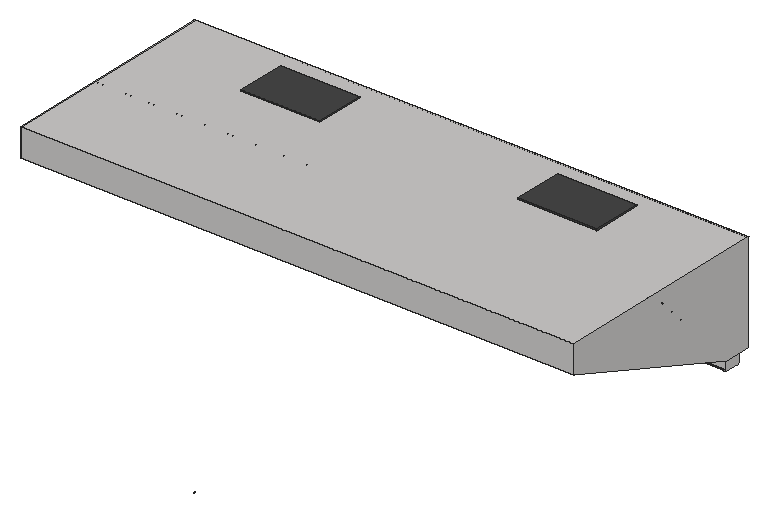
Revit family "QF_ELECTROLUXPROFESSIONAL_642093_MP1128DT", category Specialty Equipment, Revit 2014
Reference planes
  plane 1 "Center (Front/Back)": y = 0
  plane 2: z = 0
  plane 3 "Center (Left/Right)": x = 150
  plane 4 "LEFT": x = -1250
  plane 5 "RIGHT": x = 1550
  plane 6 "BACK": y = 550
  plane 7 "FRONT": y = -550
  plane 8 "Plane": z = 2000
  plane 9 "TOP": z = 2140
  plane 10 "Base": z = 1640
  plane 11: z = 1566
  plane 12 "DrainY": y = 485
  plane 13: x = -1247
  plane 14: through (0, 414.509, 1640.8) normal (0, 0.7314, 0.682)
  plane 15: y = 470
  plane 16: y = 220
  plane 17 "DrainX": x = 1430
  plane 18: x = -350
  plane 19: x = 650
  plane 20: x = -750
  plane 21: x = 1050
  plane 22: x = 1547
  plane 23: x = 1340
  plane 24: x = 1520
  plane 25: x = -1210
  plane 26: x = -845
  plane 27: x = -450
  plane 28: x = 1510
  plane 29: x = 1145
  plane 30: x = 750
Forms (mm)
  Extrusion 1, solid, material "QF_Finishes_Stainless Steel"
    sketch origin (-1250, 0, 0) x (0, 1, 0) y (0, 0, 1)
      loop
        line (550, 1640) -> (550, 2140) -> (-550, 2140) -> (-550, 1999.112) -> (413.973, 1640) -> (550, 1640)
    from 0 to 3
  Extrusion 2, solid, material "QF_Finishes_Stainless Steel"
    sketch origin (150, 0, 0) x (0, 1, 0) y (0, 0, 1)
      loop
        line (415.255, 1640) -> (550, 1640) -> (550, 2139.19) -> (549.2, 2139.19) -> (549.2, 1640.8) -> (415.876, 1640.8) -> (339.347, 1722.867) -> (349.609, 1732.436) -> (348.927, 1733.167) -> (337.934, 1722.917) -> (415.255, 1640)
      loop
        line (-82.203, 2139.19) -> (-82.203, 2118.6) -> (-31.047, 2118.6) -> (34.354, 2048.466) -> (46.028, 2059.352) -> (45.346, 2060.083) -> (34.403, 2049.879) -> (-30.612, 2119.6) -> (-81.203, 2119.6) -> (-81.203, 2139.19) -> (-82.203, 2139.19)
    from -1397 to 1397
  Extrusion 3, solid, material "QF_Finishes_Stainless Steel"
    sketch origin (1550, 0, 0) x (0, 1, 0) y (0, 0, 1)
      loop
        line (550, 1640) -> (550, 2140) -> (-550, 2140) -> (-550, 1999.112) -> (413.973, 1640) -> (550, 1640)
    from 0 to -3
  Extrusion 4, solid, material "QF_Finishes_Stainless Steel"
    sketch origin (150, 0, 0) x (0, 1, 0) y (0, 0, 1)
      loop
        line (-550, 2140) -> (-550, 2000) -> (-549.2, 2000) -> (-549.2, 2139.19) -> (550, 2139.19) -> (550, 2140) -> (-550, 2140)
    from -1400 to 1400
  Extrusion 5, solid, material "QF_Finishes_Stainless Steel"
    sketch origin (150, 0, 0) x (0, 1, 0) y (0, 0, 1)
      loop
        line (534, 1640) -> (436, 1640) -> (436, 1627) -> (443.5, 1627) -> (443.5, 1576)
        arc (443.5, 1576) -> (446.429, 1568.929) -> (453.5, 1566) r 10
        line (453.5, 1566) -> (516.5, 1566)
        arc (516.5, 1566) -> (523.571, 1568.929) -> (526.5, 1576) r 10
        line (526.5, 1576) -> (526.5, 1627) -> (534, 1627) -> (534, 1640)
    from 1190 to 1370
  Extrusion 6, solid, material "QF_Finishes_Stainless Steel"
    sketch origin (0, 0, 1640) x (0, 1, 0) y (-1, 0, 0)
      loop
        circle (485, -1430) r 20
    from -76 to -74
  Extrusion 7, solid, material "QF_Finished_Chrome"
    sketch origin (150, 0, 0) x (0, 1, 0) y (0, 0, 1)
      loop
        line (337.934, 1722.917) -> (341.591, 1726.327) -> (38.011, 2051.876) -> (34.354, 2048.466) -> (337.934, 1722.917)
    from -995 to -1360
  Extrusion 8, solid, material "QF_Finished_Chrome"
    sketch origin (150, 0, 0) x (0, 1, 0) y (0, 0, 1)
      loop
        line (337.934, 1722.917) -> (341.591, 1726.327) -> (38.011, 2051.876) -> (34.354, 2048.466) -> (337.934, 1722.917)
    from 600 to -600
  Extrusion 9, solid, material "QF_Finishes_Stainless Steel"
    sketch origin (150, 0, 0) x (0, 1, 0) y (0, 0, 1)
      loop
        line (337.934, 1722.917) -> (341.591, 1726.327) -> (38.011, 2051.876) -> (34.354, 2048.466) -> (337.934, 1722.917)
    from 1397 to 1360
  Extrusion 10, solid, material "QF_Finishes_Stainless Steel"
    sketch origin (150, 0, 0) x (0, 1, 0) y (0, 0, 1)
      loop
        line (341.588, 1726.324) -> (38.009, 2051.874) -> (34.354, 2048.466) -> (337.934, 1722.917) -> (341.588, 1726.324)
    from -995 to -600
  Extrusion 11, solid, material "QF_Finished_Chrome"
    sketch origin (150, 0, 0) x (0, 1, 0) y (0, 0, 1)
      loop
        line (341.588, 1726.324) -> (38.009, 2051.874) -> (34.354, 2048.466) -> (337.934, 1722.917) -> (341.588, 1726.324)
    from 995 to 1360
  Extrusion 12, solid, material "QF_Finishes_Black"
    sketch origin (0, 0, 2140) x (0, 1, 0) y (-1, 0, 0)
      loop
        line (470, 750) -> (220, 750) -> (220, 350) -> (470, 350) -> (470, 750)
    from 5 to 0
  Extrusion 13, solid, material "QF_Finishes_Black"
    sketch origin (940, 0, 2140) x (0, 1, 0) y (-1, 0, 0)
      loop
        line (470, 290) -> (220, 290) -> (220, -110) -> (470, -110) -> (470, 290)
    from 5 to 0
  Extrusion 14, solid, material "QF_Finishes_Stainless Steel"
    sketch origin (0, 0, 0) x (1, 0, 0) y (0, 1, 0)
      loop
        line (-1250, 550) -> (-1250, 549) -> (-1249, 549) -> (-1249, 550) -> (-1250, 550)
    from 0 to 1
  Extrusion 15, solid, material "QF_Finishes_Stainless Steel"
    sketch origin (150, 0, 0) x (0, 1, 0) y (0, 0, 1)
      loop
        line (337.934, 1722.917) -> (341.591, 1726.327) -> (38.011, 2051.876) -> (34.354, 2048.466) -> (337.934, 1722.917)
    from -1360 to -1397
  Extrusion 16, solid, material "QF_Finishes_Stainless Steel"
    sketch origin (150, 0, 0) x (0, 1, 0) y (0, 0, -1)
      loop
        line (341.588, -1726.324) -> (337.934, -1722.917) -> (34.354, -2048.466) -> (38.009, -2051.874) -> (341.588, -1726.324)
    from -995 to -600
Cuts and joins
  joined: Extrusion 2, Extrusion 4
Lines and regions (mm)
  reference lines
    curve 1: line (150, 34.354, 2048.466) -> (150, 34.354, 1888.466)
  symbolic lines, style "SpecialityEquipment", detail levels coarse
    curve 2: line (1550, 550, 2140) -> (-1250, 550, 2140)
    curve 3: line (-1250, 550, 2140) -> (-1250, -550, 2140)
    curve 4: line (1550, -550, 2140) -> (1550, 550, 2140)
    curve 5: line (-1250, -550, 2140) -> (1550, -550, 2140)
    curve 6: line (-750, 220, 2140) -> (-350, 220, 2140)
    curve 7: line (-750, 470, 2140) -> (-750, 220, 2140)
    curve 8: line (-350, 470, 2140) -> (-750, 470, 2140)
    curve 9: line (-350, 220, 2140) -> (-350, 470, 2140)
    curve 10: line (650, 470, 2140) -> (650, 220, 2140)
    curve 11: line (650, 220, 2140) -> (1050, 220, 2140)
    curve 12: line (1050, 470, 2140) -> (650, 470, 2140)
    curve 13: line (1050, 220, 2140) -> (1050, 470, 2140)
    curve 14: line (-1250, -550, 0) -> (1550, 550, 0)
    curve 15: line (1550, -550, 0) -> (-1250, 550, 0)
Dimensions and locks
  plane 4 "LEFT" to plane 5 "RIGHT" = 2800 mm
  equal spacing: plane 4 "LEFT", plane 3 "Center (Left/Right)", plane 5 "RIGHT"
  locked: plane 8 "Plane" to level at 2000
  plane 9 "TOP" to plane 8 "Plane" = 140 mm
  locked: plane 9 "TOP" to plane 10 "Base" at 500
  plane 10 "Base" to plane 11 = 74 mm
  plane 6 "BACK" to plane 12 "DrainY" = 65 mm  (x2)
  plane 4 "LEFT" to plane 13 = 3 mm
  plane 6 "BACK" to plane 15 = 80 mm
  plane 15 to plane 16 = 250 mm  (x2)
  plane 17 "DrainX" to plane 5 "RIGHT" = 120 mm
  locked: plane 18 to plane 19 at 1000
  equal spacing: plane 18, plane 3 "Center (Left/Right)", plane 19
  plane 20 to plane 18 = 400 mm
  plane 19 to plane 21 = 400 mm
  plane 22 to plane 5 "RIGHT" = 3 mm
  locked: plane 23 to plane 17 "DrainX" at 90
  locked: plane 17 "DrainX" to plane 24 at 90
  plane 6 "BACK" to plane 7 "FRONT" = 1100 mm  (x2)
  equal spacing: plane 6 "BACK", plane 1 "Center (Front/Back)", plane 7 "FRONT"
  plane 16 to plane 7 "FRONT" = 770 mm
  plane 15 to plane 6 "BACK" = 80 mm
  locked: plane 4 "LEFT" to plane 25 at 40
  locked: plane 25 to plane 26 at 365
  locked: plane 26 to plane 27 at 395
  locked: plane 28 to plane 29 at 365
  locked: plane 29 to plane 30 at 395
  locked: plane 28 to plane 5 "RIGHT" at 40
  plane 27 to plane 30 = 1200 mm
  aligned and locked: level to plane 2
  aligned and locked: Extrusion 2 to Extrusion 1
  aligned and locked: Extrusion 2 to Extrusion 3
  aligned and locked: plane 5 "RIGHT" to Extrusion 4
  aligned and locked: Extrusion 4 to plane 4 "LEFT"
  aligned and locked: plane 22 to Extrusion 9
  aligned and locked: plane 20 to Extrusion 12
  aligned and locked: Extrusion 12 to plane 18
  aligned and locked: Extrusion 12 to plane 16
  aligned and locked: Extrusion 12 to plane 15
  aligned and locked: Extrusion 13 to plane 21
  aligned and locked: plane 19 to Extrusion 13
  aligned and locked: Extrusion 2 to Extrusion 4
  aligned and locked: plane 24 to Extrusion 5
  aligned and locked: Extrusion 5 to plane 23
  aligned and locked: Extrusion 9 to plane 28
  aligned and locked: Extrusion 11 to plane 28
  aligned and locked: Extrusion 11 to plane 29
  aligned and locked: Extrusion 8 to plane 30
  aligned and locked: Extrusion 8 to plane 27
  aligned and locked: plane 27 to Extrusion 10
  aligned and locked: Extrusion 10 to plane 26
  aligned and locked: plane 26 to Extrusion 7
  aligned and locked: Extrusion 7 to plane 25
  aligned and locked: Extrusion 15 to plane 13
  aligned and locked: plane 25 to Extrusion 15
  aligned and locked: Extrusion 16 to plane 30
  aligned and locked: Extrusion 16 to plane 29
  aligned and locked: Extrusion 3 to plane 22
Automatic sketch dimensions
  curve 5 to plane 4 "LEFT" = 0 mm
  curve 5 to plane 7 "FRONT" = 0 mm
  curve 9 to plane 16 = 0 mm
  curve 10 to plane 16 = 0 mm
  plane 15 to curve 8 = 0 mm
  plane 15 to curve 12 = 0 mm
  curve 3 to plane 6 "BACK" = 0 mm
  curve 5 to plane 5 "RIGHT" = 0 mm
  curve 11 to plane 21 = 0 mm
  curve 10 to plane 19 = 0 mm
  curve 6 to plane 18 = 0 mm
  curve 6 to plane 20 = 0 mm
  Extrusion 1 sketch curve to plane 7 "FRONT" = 0 mm
  Extrusion 1 sketch curve to plane 10 "Base" = 0 mm
  Extrusion 1 sketch curve to plane 6 "BACK" = 0 mm
  Extrusion 1 sketch curve to plane 9 "TOP" = 0 mm
  plane 15 to Extrusion 1 sketch curve = 56.027 mm
  Extrusion 1 sketch curve to plane 8 "Plane" = 0.888 mm
  Extrusion 2 sketch curve to plane 14 = 0 mm  (x3)
  Extrusion 2 sketch curve to plane 10 "Base" = 0 mm
  plane 14 to Extrusion 2 sketch curve = 0 mm
  Extrusion 2 sketch curve to plane 6 "BACK" = 0 mm
  Extrusion 2 sketch curve to Extrusion 2 sketch curve = 65.646 mm
  Extrusion 2 sketch curve to Extrusion 2 sketch curve = 0.682 mm  (x2)
  Extrusion 2 sketch curve to Extrusion 2 sketch curve = 10.261 mm
  plane 10 "Base" to Extrusion 2 sketch curve = 82.917 mm
  Extrusion 2 sketch curve to plane 1 "Center (Front/Back)" = 46.028 mm
  Extrusion 2 sketch curve to Extrusion 2 sketch curve = 10.942 mm
  Extrusion 2 sketch curve to Extrusion 2 sketch curve = 0.049 mm
  Extrusion 2 sketch curve to plane 9 "TOP" = 20.4 mm
  Extrusion 2 sketch curve to plane 9 "TOP" = 21.4 mm
  Extrusion 2 sketch curve to plane 9 "TOP" = 0.81 mm  (x2)
  Extrusion 2 sketch curve to Extrusion 2 sketch curve = 50.156 mm
  Extrusion 2 sketch curve to Extrusion 2 sketch curve = 1 mm
  plane 10 "Base" to Extrusion 2 sketch curve = 0.8 mm
  Extrusion 2 sketch curve to plane 6 "BACK" = 0.8 mm
  Extrusion 3 sketch curve to plane 7 "FRONT" = 0 mm
  Extrusion 3 sketch curve to plane 10 "Base" = 0 mm
  Extrusion 3 sketch curve to plane 6 "BACK" = 0 mm
  Extrusion 3 sketch curve to plane 9 "TOP" = 0 mm
  plane 15 to Extrusion 3 sketch curve = 56.027 mm
  Extrusion 3 sketch curve to plane 8 "Plane" = 0.888 mm
  Extrusion 4 sketch curve to plane 7 "FRONT" = 0 mm
  Extrusion 4 sketch curve to plane 8 "Plane" = 0 mm
  Extrusion 4 sketch curve to plane 6 "BACK" = 0 mm
  Extrusion 4 sketch curve to plane 9 "TOP" = 0 mm
  plane 7 "FRONT" to Extrusion 4 sketch curve = 0.8 mm
  Extrusion 4 sketch curve to plane 9 "TOP" = 0.81 mm
  curve 1 to plane 14 = 0 mm
  curve 1 to plane 1 "Center (Front/Back)" = 34.354 mm
  curve 1 to plane 8 "Plane" = 111.534 mm
  Extrusion 5 sketch curve to plane 10 "Base" = 0 mm
  Extrusion 5 sketch curve to plane 11 = 0 mm
  Extrusion 5 sketch curve to plane 10 "Base" = 13 mm  (x2)
  plane 15 to Extrusion 5 sketch curve = 34 mm
  Extrusion 5 sketch curve to Extrusion 5 sketch curve = 7.5 mm  (x2)
  Extrusion 5 sketch curve to Extrusion 5 sketch curve = 10 mm
  plane 12 "DrainY" to Extrusion 5 sketch curve = 31.5 mm
  Extrusion 5 sketch curve to plane 6 "BACK" = 23.5 mm
  Extrusion 6 sketch curve to plane 12 "DrainY" = 0 mm
  Extrusion 6 sketch curve to plane 17 "DrainX" = 0 mm
  Extrusion 7 sketch curve to plane 14 = 0 mm  (x2)
  Extrusion 7 sketch curve to plane 1 "Center (Front/Back)" = 34.354 mm
  Extrusion 7 sketch curve to Extrusion 7 sketch curve = 3.657 mm
  plane 10 "Base" to Extrusion 7 sketch curve = 82.917 mm
  Extrusion 8 sketch curve to plane 14 = 0 mm  (x2)
  Extrusion 8 sketch curve to plane 1 "Center (Front/Back)" = 34.354 mm
  Extrusion 8 sketch curve to Extrusion 8 sketch curve = 3.657 mm
  plane 10 "Base" to Extrusion 8 sketch curve = 82.917 mm
  Extrusion 9 sketch curve to plane 14 = 0 mm  (x2)
  Extrusion 9 sketch curve to plane 1 "Center (Front/Back)" = 34.354 mm
  Extrusion 9 sketch curve to Extrusion 9 sketch curve = 3.657 mm
  plane 10 "Base" to Extrusion 9 sketch curve = 82.917 mm
  Extrusion 10 sketch curve to plane 14 = 0 mm  (x2)
  Extrusion 10 sketch curve to plane 1 "Center (Front/Back)" = 34.354 mm
  Extrusion 10 sketch curve to Extrusion 10 sketch curve = 3.655 mm
  plane 10 "Base" to Extrusion 10 sketch curve = 82.917 mm
  Extrusion 11 sketch curve to plane 14 = 0 mm  (x2)
  Extrusion 11 sketch curve to plane 1 "Center (Front/Back)" = 34.354 mm
  Extrusion 11 sketch curve to Extrusion 11 sketch curve = 3.655 mm
  plane 10 "Base" to Extrusion 11 sketch curve = 82.917 mm
  Extrusion 12 sketch curve to plane 16 = 0 mm
  plane 15 to Extrusion 12 sketch curve = 0 mm
  Extrusion 12 sketch curve to plane 18 = 0 mm
  Extrusion 12 sketch curve to plane 20 = 0 mm
  Extrusion 13 sketch curve to plane 16 = 0 mm
  plane 15 to Extrusion 13 sketch curve = 0 mm
  Extrusion 13 sketch curve to plane 21 = 0 mm
  Extrusion 13 sketch curve to plane 19 = 0 mm
  Extrusion 14 sketch curve to plane 4 "LEFT" = 0 mm
  Extrusion 14 sketch curve to plane 6 "BACK" = 0 mm
  plane 4 "LEFT" to Extrusion 14 sketch curve = 1 mm
  Extrusion 14 sketch curve to plane 6 "BACK" = 1 mm
  Extrusion 15 sketch curve to plane 14 = 0 mm  (x2)
  Extrusion 15 sketch curve to plane 1 "Center (Front/Back)" = 34.354 mm
  Extrusion 15 sketch curve to Extrusion 15 sketch curve = 3.657 mm
  plane 10 "Base" to Extrusion 15 sketch curve = 82.917 mm
  Extrusion 16 sketch curve to plane 14 = 0 mm  (x2)
  Extrusion 16 sketch curve to plane 1 "Center (Front/Back)" = 34.354 mm
  Extrusion 16 sketch curve to Extrusion 16 sketch curve = 3.655 mm
  plane 10 "Base" to Extrusion 16 sketch curve = 82.917 mm
  curve 15 to plane 4 "LEFT" = 0 mm
  curve 14 to plane 4 "LEFT" = 0 mm
  curve 15 to plane 5 "RIGHT" = 0 mm
  curve 14 to plane 5 "RIGHT" = 0 mm
  curve 15 to plane 7 "FRONT" = 0 mm
  curve 14 to plane 7 "FRONT" = 0 mm
  curve 15 to plane 6 "BACK" = 0 mm
  curve 14 to plane 6 "BACK" = 0 mm
  radius of Extrusion 6 sketch curve = 20 mm
Connectors
  piping at (1430, 485, 1564), diameter 20
    settings: on Extrusion 6, index 1, connector inside diameter 609.6 mm, connector length 0 mm, flow factor 0, pipe flow 0.0 L/s, pressure drop 0.0 Pa, fitting loss kfactor 0, connector angle 0.00°, fixture units 0, engagement length 0 mm, angle of deflection 0.00°, flow configuration 1, flow direction 2, fitting loss method 0, system type 16, joint type 0, gender type 0, connector reference index -1, connector utility 0, adjustable connector no, is connector primary yes, connector description "Drain"
  hvac at (-550, 345, 2145)
    settings: on Extrusion 12, index 2, duct flow 0.0 L/s, flow factor 0, pres drop 0.0 Pa, loss coef 0, conn angle 0.00°, conn width 250 mm, conn height 400 mm, conn diameter 609.6 mm, duct sys type 3, conn prof type 1, flow config 1, flow direction 0, loss method 0, conn ref index -1, conn util no, is conn primary yes, conn desc "EXHAUST OUTLET"
  hvac at (850, 345, 2145)
    settings: on Extrusion 13, index 3, duct flow 0.0 L/s, flow factor 0, pres drop 0.0 Pa, loss coef 0, conn angle 0.00°, conn width 250 mm, conn height 400 mm, conn diameter 609.6 mm, duct sys type 3, conn prof type 1, flow config 1, flow direction 0, loss method 0, conn ref index -1, conn util no, is conn primary no, conn desc "EXHAUST OUTLET"
